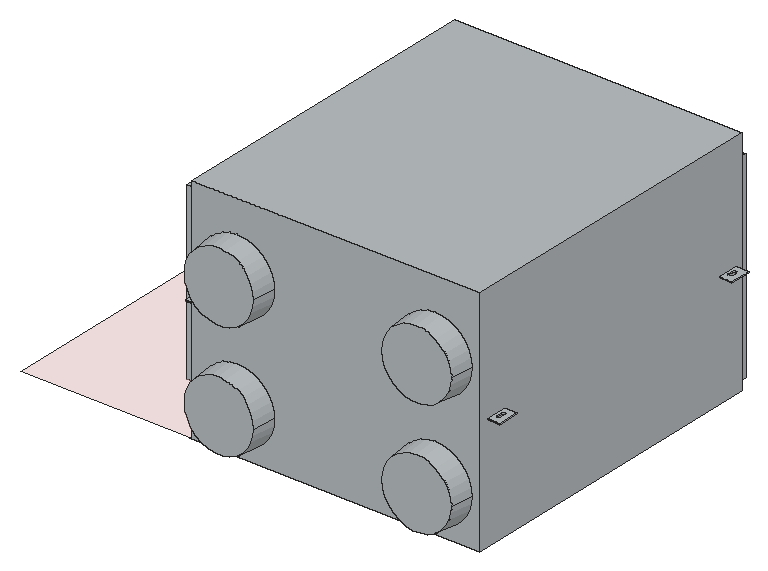
Revit family "3DCAD_LGH-160_200RVX3-E", category 機械設備, Revit 2018
Family settings
  丸型コネクタ寸法 = 直径を使用
  パーツ タイプ = 標準
  OmniClass 番号 = 23.75.00.00
  OmniClass タイトル = Climate Control (HVAC)
  作業面ベース = いいえ
  常に垂直 = はい
  ロード時にボイドで切り取り = いいえ
  共有 = いいえ
  部屋計算ポイント = いいえ
Parameters (values of type "LGH-160RVX3-E_50Hz")
  説明 = "LOSSNAY"
  製造元 = "Mitsubishi Electric Corporation"
  モデル = "LGH-160RVX3-E"
  W = 1004 mm
  Upper Unit-LEG Distance = 404 mm
  Weight = 96.00 kg
  URL = "http://global.mitsubishielectric.com/"
  Space View = yes
  Mounting pitch 1 = 1045 mm
  Mounting pitch 2 = 1010 mm
  Hertz = 50.0 Hz
  H = 808 mm
  Electrical power supply = "220-240 V"
  Distance of Center Height and Air pipes = 40 mm
  Distance of Air pipes = 690 mm
  D = 1144 mm
  Center Height = H / 2  # 404 mm
  Box_W = 119.1 mm
  Box_H = 105.1 mm
  Air pipe_diameter 2 = 258 mm
  Air pipe_diameter 1 = 242 mm
  Air pipe_Length = 79 mm
Types (4, lengths in mm): name | モデル | W | Weight | Mounting pitch 1 | Hertz | Electrical power supply | Distance of Air pipes
  LGH-160RVX3-E_50Hz | "LGH-160RVX3-E" | 1004 | 96.00 kg | 1045 | 50.0 Hz | "220-240 V" | 690
  LGH-200RVX3-E_50Hz | "LGH-200RVX3-E" | 1231 | 108.00 kg | 1272 | 50.0 Hz | "220-240 V" | 917
  LGH-160RVX3-E_60Hz | "LGH-160RVX3-E" | 1004 | 96.00 kg | 1045 | 60.0 Hz | "220 V" | 690
  LGH-200RVX3-E_60Hz | "LGH-200RVX3-E" | 1231 | 108.00 kg | 1272 | 60.0 Hz | "220 V" | 917
Reference planes
  plane 1 "中心(正面/背面)": y = 0
  plane 2: z = 0
  plane 3 "中心(左/右)": x = 0
  plane 4: x = -502
  plane 5: x = 502
  plane 6: y = 572
  plane 7: y = -572
  plane 8: x = -345
  plane 9: x = 345
  plane 10: z = 808
  plane 11: z = 162
  plane 12: z = 404
  plane 13: y = 505
  plane 14: y = -505
  plane 15: x = 522.5
  plane 16: x = -522.5
  plane 17: z = 404
  plane 18: y = -260.9
  plane 19: y = -452.9
  plane 20: z = 702.9
  plane 21: z = 93.9
  plane 22: x = -1102
  plane 23: y = 616
  plane 24: y = -651
  plane 25: x = -617
  plane 26: z = 401
  plane 27: z = 202
  plane 28: z = 606
  plane 29: z = 566
  plane 30: z = 364
  plane 31: z = 14
  plane 32: z = 714
  plane 33: x = 480
  plane 34: x = 210
  plane 35: x = -480
  plane 36: x = -210
Forms (mm)
  Extrusion 1, solid, material "Plated steel"
    sketch origin (0, 0, 0) x (1, 0, 0) y (0, 1, 0)
      loop
        line (-502, 572) -> (-502, -572) -> (502, -572) -> (502, 572) -> (-502, 572)
    from 0 to 808 <- "H"
  Extrusion 2, solid, material "Service space", visible <- "Space View"
    sketch origin (0, 0, 0) x (1, 0, 0) y (0, 1, 0)
      loop
        line (-1102, 572) -> (-1102, -572) -> (-502, -572) -> (-502, 572) -> (-1102, 572)
    from 0 to -1
  Blend 3, solid, material "Plated steel"
    base sketch origin (0, 0, 0) x (1, 0, 0) y (0, 0, 1)
      loop
        circle (-345, 162) r 129
    top sketch origin (0, 0, 0) x (1, 0, 0) y (0, 0, 1)
      loop
        circle (-345, 162) r 121
    from 572 to 651
  Blend 4, solid, material "Plated steel"
    base sketch origin (0, 0, 0) x (1, 0, 0) y (0, 0, 1)
      loop
        circle (345, 162) r 129
    top sketch origin (0, 0, 0) x (1, 0, 0) y (0, 0, 1)
      loop
        circle (345, 162) r 121
    from 572 to 651
  Extrusion 5, solid, material "Plated steel"
    sketch origin (0, 0, 0) x (0, 1, 0) y (0, 0, 1)
      loop
        line (-260.9, 702.9) -> (-452.9, 702.9) -> (-452.9, 93.9) -> (-260.9, 93.9) -> (-260.9, 702.9)
    from -617 to -502
  Extrusion 6, solid, material "Plated steel"
    sketch origin (0, 0, 0) x (1, 0, 0) y (0, 1, 0)
      loop
        line (502, -469) -> (502, -541) -> (548.5, -541) -> (548.5, -469) -> (502, -469)
      loop
        arc (530, -497.5) -> (522.5, -490) -> (515, -497.5) r 7.5
        line (515, -497.5) -> (515, -512.5)
        arc (515, -512.5) -> (522.5, -520) -> (530, -512.5) r 7.5
        line (530, -512.5) -> (530, -497.5)
    from 404 to 401
  Blend 7, solid, material "Plated steel"
    base sketch origin (0, 0, 0) x (1, 0, 0) y (0, 0, 1)
      loop
        circle (-345, 566) r 129
    top sketch origin (0, 0, 0) x (1, 0, 0) y (0, 0, 1)
      loop
        circle (-345, 566) r 121
    from 572 to 651
  Blend 8, solid, material "Plated steel"
    base sketch origin (0, 0, 0) x (1, 0, 0) y (0, 0, 1)
      loop
        circle (345, 566) r 129
    top sketch origin (0, 0, 0) x (1, 0, 0) y (0, 0, 1)
      loop
        circle (345, 566) r 121
    from 572 to 651
  Extrusion 9, solid, material "Plated steel"
    sketch origin (0, 0, 0) x (1, 0, 0) y (0, 0, 1)
      loop
        line (480, 14) -> (480, 714) -> (210, 714) -> (210, 14) -> (480, 14)
    from -616 to -572
  Extrusion 10, solid, material "Plated steel"
    sketch origin (0, 0, 0) x (1, 0, 0) y (0, 0, 1)
      loop
        line (-210, 714) -> (-480, 714) -> (-480, 14) -> (-210, 14) -> (-210, 714)
    from -616 to -572
  Extrusion 11, solid, material "Plated steel"
    sketch origin (0, 0, 0) x (1, 0, 0) y (0, 1, 0)
      loop
        line (502, 469) -> (548.5, 469) -> (548.5, 541) -> (502, 541) -> (502, 469)
      loop
        line (530, 497.5) -> (530, 512.5)
        arc (530, 512.5) -> (522.5, 520) -> (515, 512.5) r 7.5
        line (515, 512.5) -> (515, 497.5)
        arc (515, 497.5) -> (522.5, 490) -> (530, 497.5) r 7.5
    from 404 to 401
  Extrusion 12, solid, material "Plated steel"
    sketch origin (0, 0, 0) x (-1, 0, 0) y (0, -1, 0)
      loop
        line (502, 469) -> (548.5, 469) -> (548.5, 541) -> (502, 541) -> (502, 469)
      loop
        line (530, 497.5) -> (530, 512.5)
        arc (530, 512.5) -> (522.5, 520) -> (515, 512.5) r 7.5
        line (515, 512.5) -> (515, 497.5)
        arc (515, 497.5) -> (522.5, 490) -> (530, 497.5) r 7.5
    from 404 to 401
  Extrusion 13, solid, material "Plated steel"
    sketch origin (0, 0, 0) x (-1, 0, 0) y (0, -1, 0)
      loop
        line (502, -469) -> (502, -541) -> (548.5, -541) -> (548.5, -469) -> (502, -469)
      loop
        arc (530, -497.5) -> (522.5, -490) -> (515, -497.5) r 7.5
        line (515, -497.5) -> (515, -512.5)
        arc (515, -512.5) -> (522.5, -520) -> (530, -512.5) r 7.5
        line (530, -512.5) -> (530, -497.5)
    from 404 to 401
Dimensions and locks
  "W": plane 4 to plane 5
  equal spacing: plane 4, plane 3 "中心(左/右)", plane 5
  "D": plane 6 to plane 7
  equal spacing: plane 6, plane 1 "中心(正面/背面)", plane 7
  "H": plane 10 to level
  equal spacing: plane 9, plane 3 "中心(左/右)", plane 8
  "Distance of Air pipes": plane 9 to plane 8
  equal spacing: plane 16, plane 3 "中心(左/右)", plane 15
  "Mounting pitch 1": plane 16 to plane 15
  equal spacing: plane 13, plane 1 "中心(正面/背面)", plane 14
  "Mounting pitch 2": plane 13 to plane 14
  "Upper Unit-LEG Distance": plane 10 to plane 17
  "Air pipe_Length": plane 24 to plane 7
  "Box_W": plane 19 to plane 7
  locked: plane 18 to plane 19 at 192
  locked: plane 20 to plane 21 at 609
  "Box_H": plane 10 to plane 20
  locked: plane 25 to plane 4 at 115
  locked: plane 22 to plane 4 at 600
  locked: plane 17 to plane 26 at 3
  equal spacing: plane 10, plane 28, plane 12, plane 27, level
  locked: plane 23 to plane 6 at 44
  "Distance of Center Height and Air pipes": plane 30 to plane 12
  equal spacing: plane 31, plane 30, plane 32
  locked: plane 31 to plane 32 at 700
  equal spacing: plane 34, plane 9, plane 33
  locked: plane 34 to plane 33 at 270
  locked: plane 36 to plane 35 at 270
  equal spacing: plane 35, plane 8, plane 36
  plane 15 to Extrusion 6 sketch curve = 26 mm
  Extrusion 6 sketch curve to Extrusion 6 sketch curve = 72 mm
  Extrusion 11 sketch curve to Extrusion 11 sketch curve = 72 mm
  plane 15 to Extrusion 11 sketch curve = 26 mm
  Extrusion 12 sketch curve to Extrusion 12 sketch curve = 72 mm
  Extrusion 13 sketch curve to Extrusion 13 sketch curve = 72 mm
  Extrusion 13 sketch curve to plane 16 = 26 mm
  Extrusion 12 sketch curve to plane 16 = 26 mm
  "Distance of Center Height and Air pipes": plane 28 to plane 29
  "Distance of Center Height and Air pipes": plane 27 to plane 11
  "Air pipe_diameter 2": diameter of Blend 3 sketch curve
  "Air pipe_diameter 1": diameter of Blend 3 sketch curve
  "Air pipe_diameter 2": diameter of Blend 4 sketch curve
  "Air pipe_diameter 1": diameter of Blend 4 sketch curve
  "Air pipe_diameter 2": diameter of Blend 7 sketch curve
  "Air pipe_diameter 1": diameter of Blend 7 sketch curve
  "Air pipe_diameter 2": diameter of Blend 8 sketch curve
  "Air pipe_diameter 1": diameter of Blend 8 sketch curve
  aligned and locked: level to plane 2
  aligned and locked: plane 24 to Blend 3
  aligned and locked: plane 7 to Blend 3
  aligned and locked: plane 24 to Blend 4
  aligned and locked: plane 7 to Blend 4
  aligned and locked: plane 20 to Extrusion 5 sketch curve
  aligned and locked: Extrusion 5 sketch curve to plane 18
  aligned and locked: Extrusion 5 sketch curve to plane 21
  aligned and locked: plane 19 to Extrusion 5 sketch curve
  aligned and locked: Extrusion 5 to plane 25
  aligned and locked: plane 4 to Extrusion 5
  aligned and locked: plane 17 to Extrusion 6
  aligned and locked: plane 26 to Extrusion 6
  aligned and locked: plane 24 to Blend 7
  aligned and locked: plane 7 to Blend 7
  aligned and locked: plane 24 to Blend 8
  aligned and locked: plane 7 to Blend 8
  aligned and locked: plane 31 to Extrusion 9 sketch curve
  aligned and locked: plane 33 to Extrusion 9 sketch curve
  aligned and locked: plane 32 to Extrusion 9 sketch curve
  aligned and locked: plane 34 to Extrusion 9 sketch curve
  aligned and locked: Extrusion 10 sketch curve to plane 32
  aligned and locked: Extrusion 10 sketch curve to plane 36
  aligned and locked: Extrusion 10 sketch curve to plane 31
  aligned and locked: Extrusion 10 sketch curve to plane 35
  aligned and locked: plane 23 to Extrusion 10
  aligned and locked: Extrusion 10 to plane 6
  aligned and locked: plane 23 to Extrusion 9
  aligned and locked: Extrusion 9 to plane 6
  aligned and locked: plane 5 to Extrusion 6 sketch curve
  aligned and locked: Extrusion 11 sketch curve to plane 5
  aligned and locked: Extrusion 13 sketch curve to plane 4
  aligned and locked: plane 4 to Extrusion 12 sketch curve
Automatic sketch dimensions
  Extrusion 1 sketch curve to plane 4 = 0 mm
  Extrusion 1 sketch curve to plane 5 = 0 mm
  Extrusion 1 sketch curve to plane 7 = 0 mm
  Extrusion 1 sketch curve to plane 6 = 0 mm
  Extrusion 2 sketch curve to plane 7 = 0 mm
  Extrusion 2 sketch curve to plane 22 = 0 mm
  Extrusion 2 sketch curve to plane 4 = 0 mm
  Extrusion 2 sketch curve to plane 6 = 0 mm
  Extrusion 6 sketch curve to plane 15 = 0 mm
  Extrusion 6 sketch curve to plane 15 = 7.5 mm
  plane 7 to Extrusion 6 sketch curve = 31 mm
  Extrusion 6 sketch curve to plane 14 = 7.5 mm
  plane 14 to Extrusion 6 sketch curve = 7.5 mm
  Extrusion 11 sketch curve to plane 15 = 0 mm
  plane 15 to Extrusion 11 sketch curve = 7.5 mm
  plane 6 to Extrusion 11 sketch curve = 31 mm
  Extrusion 11 sketch curve to plane 13 = 7.5 mm
  plane 13 to Extrusion 11 sketch curve = 7.5 mm
  Extrusion 13 sketch curve to plane 16 = 0 mm
  plane 16 to Extrusion 13 sketch curve = 7.5 mm
  Extrusion 13 sketch curve to plane 6 = 31 mm
  plane 13 to Extrusion 13 sketch curve = 7.5 mm
  Extrusion 13 sketch curve to plane 13 = 7.5 mm
  Extrusion 12 sketch curve to plane 16 = 0 mm
  Extrusion 12 sketch curve to Extrusion 12 sketch curve = 7.5 mm
  Extrusion 12 sketch curve to plane 7 = 31 mm
  plane 14 to Extrusion 12 sketch curve = 7.5 mm
  Extrusion 12 sketch curve to plane 14 = 7.5 mm
  Blend 3 sketch curve to plane 8 = 0 mm  (x2)
  Blend 3 sketch curve to plane 11 = 0 mm  (x2)
  plane 9 to Blend 4 sketch curve = 0 mm  (x2)
  Blend 4 sketch curve to plane 11 = 0 mm  (x2)
  Blend 7 sketch curve to plane 8 = 0 mm  (x2)
  Blend 7 sketch curve to plane 29 = 0 mm  (x2)
  plane 9 to Blend 8 sketch curve = 0 mm  (x2)
  Blend 8 sketch curve to plane 29 = 0 mm  (x2)
Connectors
  hvac at (-345, -651, 162), driven by "Air pipe_diameter 1"
    settings: on Blend 3, index 1, duct flow 0.0 L/s, flow factor 0, pres drop 0.0 Pa, loss coef 0, conn angle 0.00°, conn width 304.8 mm, conn height 304.8 mm, conn diameter 242 mm, duct sys type 1, conn prof type 0, flow config 0, flow direction 2, loss method 4, conn ref index -1, conn util no, is conn primary no, conn desc ""
  hvac at (345, -651, 162), driven by "Air pipe_diameter 1"
    settings: on Blend 4, index 2, duct flow 0.0 L/s, flow factor 0, pres drop 0.0 Pa, loss coef 0, conn angle 0.00°, conn width 304.8 mm, conn height 304.8 mm, conn diameter 242 mm, duct sys type 2, conn prof type 0, flow config 0, flow direction 1, loss method 4, conn ref index -1, conn util no, is conn primary no, conn desc ""
  electrical at (-559.5, -452.9, 398.4)
    settings: on Extrusion 5, index 5, voltage 0 V, apparent load 0 VA, apparent load phase1 0 VA, apparent load phase2 0 VA, apparent load phase3 0 VA, power factor 1, load classification "その他", number of poles 1, system type 30, power factor state 1, is connector primary yes, connector utility no, sub classification motor no, connector description ""
  hvac at (-345, -651, 566), driven by "Air pipe_diameter 1"
    settings: on Blend 7, index 6, duct flow 0.0 L/s, flow factor 0, pres drop 0.0 Pa, loss coef 0, conn angle 0.00°, conn width 304.8 mm, conn height 304.8 mm, conn diameter 242 mm, duct sys type 1, conn prof type 0, flow config 0, flow direction 2, loss method 4, conn ref index -1, conn util no, is conn primary yes, conn desc ""
  hvac at (345, -651, 566), driven by "Air pipe_diameter 1"
    settings: on Blend 8, index 7, duct flow 0.0 L/s, flow factor 0, pres drop 0.0 Pa, loss coef 0, conn angle 0.00°, conn width 304.8 mm, conn height 304.8 mm, conn diameter 242 mm, duct sys type 2, conn prof type 0, flow config 0, flow direction 1, loss method 4, conn ref index -1, conn util no, is conn primary no, conn desc ""
  hvac at (345, 616, 364)
    settings: on Extrusion 9, index 8, duct flow 0.0 L/s, flow factor 0, pres drop 0.0 Pa, loss coef 0, conn angle 0.00°, conn width 270 mm, conn height 700 mm, conn diameter 609.6 mm, duct sys type 3, conn prof type 1, flow config 0, flow direction 2, loss method 4, conn ref index -1, conn util no, is conn primary no, conn desc ""
  hvac at (-345, 616, 364)
    settings: on Extrusion 10, index 9, duct flow 0.0 L/s, flow factor 0, pres drop 0.0 Pa, loss coef 0, conn angle 0.00°, conn width 270 mm, conn height 700 mm, conn diameter 609.6 mm, duct sys type 4, conn prof type 1, flow config 0, flow direction 1, loss method 4, conn ref index -1, conn util no, is conn primary no, conn desc ""
